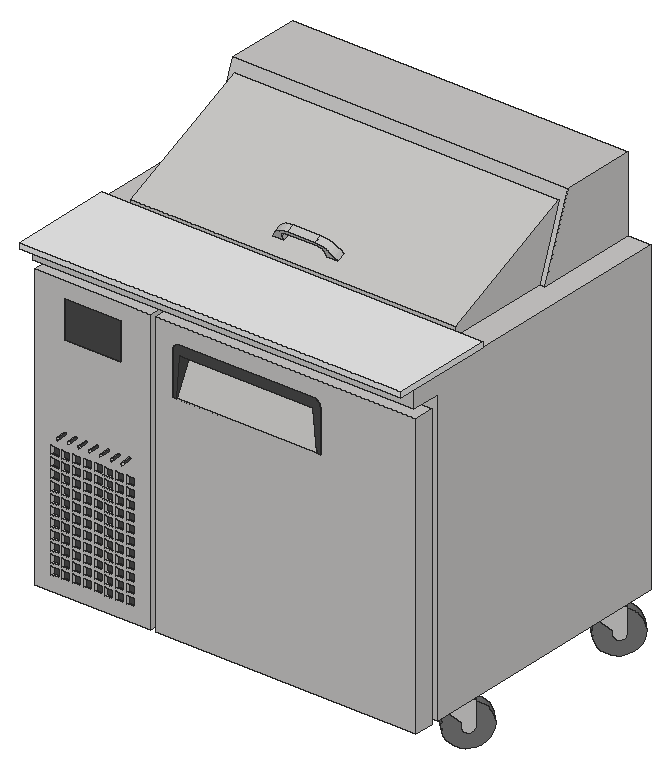
Revit family "QF_Turbo Air_JST-36da4d6f52-608f-450d-8662-f938f116b9a9", category Specialty Equipment, Revit 2012
Parameters
  Weight in Pounds = 177
  Watermarked By = "http://revitwatermark.com"
  Volts = 115 V
  URL Cutsheet = ""
  URL = "www.turboairinc.com"
  Status [instance] = ""
  Specification by User [instance] = ""
  Specification by Manufacturer [instance] = ""
  Serial Number [instance] = ""
  Revision Code [instance] = ""
  Phase = 1
  Number of Poles [instance] = 1
  NAFEM Spec ID Number [instance] = ""
  Model = "JST-36"
  Masterspec [instance] = ""
  Manufacturer = "Turbo Air"  # constant formula
  Legs [instance] = [6 inch Legs]  # no
  Item Number [instance] = "-"
  Installed By [instance] = ""
  HP = "1/4"
  Furnished By [instance] = ""
  Foodservice Equipment Identifier = yes
  FL Amps = 4.5 A
  Electrical Remarks [instance] = ""
  Electric Connection Type [instance] = ""
  Elec Conn RI Height [instance] = 0' - 0"
  Elec Conn Connection Height = 1' - 0"
  Description = "Sandwich/Salad Unit"
  Cycle = 60 Hz
  Conn Plug = "NEMA 5-15P"
  Casters [instance] = not(Legs)  # yes
  CasterLeg Height [instance] = if([4 inch Casters], 0' 5", if([5 inch Casters], 0' 5 3/4", if([2_5 inch Casters], 0' 3 3/8", 0' 6")))  # 0' - 5"
  CSI MasterFormat = "11 41 13"
  Assembly Code = "E1090320"
  Apparent Power = if(Phase = 3, Volts * FL Amps * 1.73, Volts * FL Amps)  # 517.5 VA
  6 inch Legs [instance] = no
  5 inch Casters [instance] = no
  4 inch Casters [instance] = yes
  2_5 inch Casters [instance] = no
Reference planes (in)
  plane 1 "BACK": y = 0
  plane 2: z = 0
  plane 3 "LEFT": x = -20.72594
  plane 4 "Bottom": z = 5
  plane 5 "Back Stops": y = 1
  plane 6 "RIGHT": x = 14.64906
  plane 7 "Front of Lid": y = -19.375
  plane 8 "FRONT": y = -29
  plane 9 "Door Clearance": y = -49.875
  plane 10 "Back of Door": y = -25.4375
  plane 11 "Front of Box": y = -24.75
  plane 12 "Counter Top": z = 33.75
  plane 13 "TOP": z = 40.75
  plane 14 "Top of Door": z = 31.25
  plane 15 "Bottom of Cutting Board": z = 33.25
  plane 16 "Handle LR": x = -3.03844
  plane 17 "Lid Clearance": z = 44.25
  plane 18 "Left Lid Cover": x = -18.60094
  plane 19 "Right of Lid Cover": x = 12.52406
  plane 20 "Left of Lid": x = -18.10094
  plane 21 "Right of Lid": x = 12.02406
  plane 22 "Front of Doors": y = -27.25
  plane 23 "Front of Ledge": y = -27.5
  plane 24 "Left of Door": x = -9.53844
  plane 25 "Right of Grill": x = -9.97594
Forms (in)
  Extrusion 1, solid, material "QF_Finishes_Stainless Steel"
    sketch origin (-20.72594, 0, 0) x (0, 1, 0) y (0, 0, 1)
      loop
        line (0, 5) -> (0, 33.75) -> (-27.5, 33.75) -> (-27.5, 32.125) -> (-24.75, 32.125) -> (-24.75, 5) -> (0, 5)
    from 0 to 35.375
  Extrusion 2, solid, material "QF_Finishes_Black"
    sketch origin (0, -24.75, 0) x (1, 0, 0) y (0, 0, 1)
      loop
        line (13.64906, 6) -> (13.64906, 30.25) -> (-8.53844, 30.25) -> (-8.53844, 6) -> (13.64906, 6)
    from 0 to 0.6875
  Extrusion 3, solid, material "QF_Finishes_Stainless Steel"
    sketch origin (-18.60094, 0, 0) x (0, 1, 0) y (0, 0, 1)
      loop
        line (0, 33.75) -> (0, 40.75) -> (-7, 40.75) -> (-9.625, 33.75) -> (0, 33.75)
    from 0 to 31.125
  Extrusion 4, solid, material "QF_Finishes_Stainless Steel"
    sketch origin (-18.10094, 0, 0) x (0, 1, 0) y (0, 0, 1)
      loop
        line (-19.375, 33.75) -> (-9.625, 33.75) -> (-7.35112, 39.81367) -> (-19.375, 34.5) -> (-19.375, 33.75)
    from 0 to 30.125
  Extrusion 5, solid, material "QF_Finishes_Stainless Steel"
    sketch origin (-8.25, -1.41062, -1.44965) x (1, 0, 0) y (0, -0.404214, 0.914664)
      loop
        line (7.21156, 40.14331) -> (8.21156, 40.14331)
        arc (8.21156, 40.14331) -> (7.53685, 41.04872) -> (6.46156, 41.39331) r 1.85
        line (6.46156, 41.39331) -> (3.96156, 41.39331)
        arc (3.96156, 41.39331) -> (2.88627, 41.04872) -> (2.21156, 40.14331) r 1.85
        line (2.21156, 40.14331) -> (3.21156, 40.14331) -> (3.21156, 40.64331)
        arc (3.21156, 40.64331) -> (3.35801, 40.99687) -> (3.71156, 41.14331) r 0.5
        line (3.71156, 41.14331) -> (6.71156, 41.14331)
        arc (6.71156, 41.14331) -> (7.06511, 40.99687) -> (7.21156, 40.64331) r 0.5
        line (7.21156, 40.64331) -> (7.21156, 40.14331)
    from -0.375 to 0.375
  Extrusion 6, solid, material "QF_Finishes_Black"
    sketch origin (0, 0, 0) x (1, 0, 0) y (0, 0, 1)
      loop
        circle (-14.60094, 28.9375) r 0.5
      loop
        circle (8.52406, 28.9375) r 0.5
    from 0 to -1
  Extrusion 7, solid, material "QF_Finishes_Stainless Steel"
    sketch origin (0, 0, 0) x (1, 0, 0) y (0, 0, 1)
      loop
        circle (-15.35094, 11.125) r 0.25
    from 0 to -0.0625
  Extrusion 8, solid, material "QF_Finishes_White"
    sketch origin (-20.72594, 0, 0) x (0, 1, 0) y (0, 0, 1)
      loop
        line (-29, 33.75) -> (-19.5, 33.75) -> (-19.5, 34.25) -> (-29, 34.25) -> (-29, 33.75)
    from 0 to 35.375
  Extrusion 9, solid, material "QF_Finishes_Stainless Steel"
    sketch origin (0, -24.75, 0) x (1, 0, 0) y (0, 0, 1)
      loop
        line (-20.72594, 31.25) -> (-20.72594, 5) -> (-9.97594, 5) -> (-9.97594, 31.25) -> (-20.72594, 31.25)
      loop
        line (-11.47594, 7.125) -> (-12.22594, 7.125) -> (-12.22594, 6.375) -> (-11.47594, 6.375) -> (-11.47594, 7.125)
      loop
        line (-12.47594, 7.125) -> (-13.22594, 7.125) -> (-13.22594, 6.375) -> (-12.47594, 6.375) -> (-12.47594, 7.125)
      loop
        line (-13.47594, 7.125) -> (-14.22594, 7.125) -> (-14.22594, 6.375) -> (-13.47594, 6.375) -> (-13.47594, 7.125)
      loop
        line (-14.47594, 7.125) -> (-15.22594, 7.125) -> (-15.22594, 6.375) -> (-14.47594, 6.375) -> (-14.47594, 7.125)
      loop
        line (-15.47594, 7.125) -> (-16.22594, 7.125) -> (-16.22594, 6.375) -> (-15.47594, 6.375) -> (-15.47594, 7.125)
      loop
        line (-16.47594, 7.125) -> (-17.22594, 7.125) -> (-17.22594, 6.375) -> (-16.47594, 6.375) -> (-16.47594, 7.125)
      loop
        line (-17.47594, 7.125) -> (-18.22594, 7.125) -> (-18.22594, 6.375) -> (-17.47594, 6.375) -> (-17.47594, 7.125)
      loop
        line (-18.47594, 7.125) -> (-19.22594, 7.125) -> (-19.22594, 6.375) -> (-18.47594, 6.375) -> (-18.47594, 7.125)
      loop
        line (-11.47594, 8.125) -> (-12.22594, 8.125) -> (-12.22594, 7.375) -> (-11.47594, 7.375) -> (-11.47594, 8.125)
      loop
        line (-12.47594, 8.125) -> (-13.22594, 8.125) -> (-13.22594, 7.375) -> (-12.47594, 7.375) -> (-12.47594, 8.125)
      loop
        line (-13.47594, 8.125) -> (-14.22594, 8.125) -> (-14.22594, 7.375) -> (-13.47594, 7.375) -> (-13.47594, 8.125)
      loop
        line (-14.47594, 8.125) -> (-15.22594, 8.125) -> (-15.22594, 7.375) -> (-14.47594, 7.375) -> (-14.47594, 8.125)
      loop
        line (-15.47594, 8.125) -> (-16.22594, 8.125) -> (-16.22594, 7.375) -> (-15.47594, 7.375) -> (-15.47594, 8.125)
      loop
        line (-16.47594, 8.125) -> (-17.22594, 8.125) -> (-17.22594, 7.375) -> (-16.47594, 7.375) -> (-16.47594, 8.125)
      loop
        line (-17.47594, 8.125) -> (-18.22594, 8.125) -> (-18.22594, 7.375) -> (-17.47594, 7.375) -> (-17.47594, 8.125)
      loop
        line (-18.47594, 8.125) -> (-19.22594, 8.125) -> (-19.22594, 7.375) -> (-18.47594, 7.375) -> (-18.47594, 8.125)
      loop
        line (-11.47594, 9.125) -> (-12.22594, 9.125) -> (-12.22594, 8.375) -> (-11.47594, 8.375) -> (-11.47594, 9.125)
      loop
        line (-12.47594, 9.125) -> (-13.22594, 9.125) -> (-13.22594, 8.375) -> (-12.47594, 8.375) -> (-12.47594, 9.125)
      loop
        line (-13.47594, 9.125) -> (-14.22594, 9.125) -> (-14.22594, 8.375) -> (-13.47594, 8.375) -> (-13.47594, 9.125)
      loop
        line (-14.47594, 9.125) -> (-15.22594, 9.125) -> (-15.22594, 8.375) -> (-14.47594, 8.375) -> (-14.47594, 9.125)
      loop
        line (-15.47594, 9.125) -> (-16.22594, 9.125) -> (-16.22594, 8.375) -> (-15.47594, 8.375) -> (-15.47594, 9.125)
      loop
        line (-16.47594, 9.125) -> (-17.22594, 9.125) -> (-17.22594, 8.375) -> (-16.47594, 8.375) -> (-16.47594, 9.125)
      loop
        line (-17.47594, 9.125) -> (-18.22594, 9.125) -> (-18.22594, 8.375) -> (-17.47594, 8.375) -> (-17.47594, 9.125)
      loop
        line (-18.47594, 9.125) -> (-19.22594, 9.125) -> (-19.22594, 8.375) -> (-18.47594, 8.375) -> (-18.47594, 9.125)
      loop
        line (-11.47594, 10.125) -> (-12.22594, 10.125) -> (-12.22594, 9.375) -> (-11.47594, 9.375) -> (-11.47594, 10.125)
      loop
        line (-12.47594, 10.125) -> (-13.22594, 10.125) -> (-13.22594, 9.375) -> (-12.47594, 9.375) -> (-12.47594, 10.125)
      loop
        line (-13.47594, 10.125) -> (-14.22594, 10.125) -> (-14.22594, 9.375) -> (-13.47594, 9.375) -> (-13.47594, 10.125)
      loop
        line (-14.47594, 10.125) -> (-15.22594, 10.125) -> (-15.22594, 9.375) -> (-14.47594, 9.375) -> (-14.47594, 10.125)
      loop
        line (-15.47594, 10.125) -> (-16.22594, 10.125) -> (-16.22594, 9.375) -> (-15.47594, 9.375) -> (-15.47594, 10.125)
      loop
        line (-16.47594, 10.125) -> (-17.22594, 10.125) -> (-17.22594, 9.375) -> (-16.47594, 9.375) -> (-16.47594, 10.125)
      loop
        line (-17.47594, 10.125) -> (-18.22594, 10.125) -> (-18.22594, 9.375) -> (-17.47594, 9.375) -> (-17.47594, 10.125)
      loop
        line (-18.47594, 10.125) -> (-19.22594, 10.125) -> (-19.22594, 9.375) -> (-18.47594, 9.375) -> (-18.47594, 10.125)
      loop
        line (-11.47594, 11.125) -> (-12.22594, 11.125) -> (-12.22594, 10.375) -> (-11.47594, 10.375) -> (-11.47594, 11.125)
      loop
        line (-12.47594, 11.125) -> (-13.22594, 11.125) -> (-13.22594, 10.375) -> (-12.47594, 10.375) -> (-12.47594, 11.125)
      loop
        line (-13.47594, 11.125) -> (-14.22594, 11.125) -> (-14.22594, 10.375) -> (-13.47594, 10.375) -> (-13.47594, 11.125)
      loop
        line (-14.47594, 11.125) -> (-15.22594, 11.125) -> (-15.22594, 10.375) -> (-14.47594, 10.375) -> (-14.47594, 11.125)
      loop
        line (-15.47594, 11.125) -> (-16.22594, 11.125) -> (-16.22594, 10.375) -> (-15.47594, 10.375) -> (-15.47594, 11.125)
      loop
        line (-16.47594, 11.125) -> (-17.22594, 11.125) -> (-17.22594, 10.375) -> (-16.47594, 10.375) -> (-16.47594, 11.125)
      loop
        line (-17.47594, 11.125) -> (-18.22594, 11.125) -> (-18.22594, 10.375) -> (-17.47594, 10.375) -> (-17.47594, 11.125)
      loop
        line (-18.47594, 11.125) -> (-19.22594, 11.125) -> (-19.22594, 10.375) -> (-18.47594, 10.375) -> (-18.47594, 11.125)
      loop
        line (-11.47594, 12.125) -> (-12.22594, 12.125) -> (-12.22594, 11.375) -> (-11.47594, 11.375) -> (-11.47594, 12.125)
      loop
        line (-12.47594, 12.125) -> (-13.22594, 12.125) -> (-13.22594, 11.375) -> (-12.47594, 11.375) -> (-12.47594, 12.125)
      loop
        line (-13.47594, 12.125) -> (-14.22594, 12.125) -> (-14.22594, 11.375) -> (-13.47594, 11.375) -> (-13.47594, 12.125)
      loop
        line (-14.47594, 12.125) -> (-15.22594, 12.125) -> (-15.22594, 11.375) -> (-14.47594, 11.375) -> (-14.47594, 12.125)
      loop
        line (-15.47594, 12.125) -> (-16.22594, 12.125) -> (-16.22594, 11.375) -> (-15.47594, 11.375) -> (-15.47594, 12.125)
      loop
        line (-16.47594, 12.125) -> (-17.22594, 12.125) -> (-17.22594, 11.375) -> (-16.47594, 11.375) -> (-16.47594, 12.125)
      loop
        line (-17.47594, 12.125) -> (-18.22594, 12.125) -> (-18.22594, 11.375) -> (-17.47594, 11.375) -> (-17.47594, 12.125)
      loop
        line (-18.47594, 12.125) -> (-19.22594, 12.125) -> (-19.22594, 11.375) -> (-18.47594, 11.375) -> (-18.47594, 12.125)
      loop
        line (-11.47594, 13.125) -> (-12.22594, 13.125) -> (-12.22594, 12.375) -> (-11.47594, 12.375) -> (-11.47594, 13.125)
      loop
        line (-12.47594, 13.125) -> (-13.22594, 13.125) -> (-13.22594, 12.375) -> (-12.47594, 12.375) -> (-12.47594, 13.125)
      loop
        line (-13.47594, 13.125) -> (-14.22594, 13.125) -> (-14.22594, 12.375) -> (-13.47594, 12.375) -> (-13.47594, 13.125)
      loop
        line (-14.47594, 13.125) -> (-15.22594, 13.125) -> (-15.22594, 12.375) -> (-14.47594, 12.375) -> (-14.47594, 13.125)
      loop
        line (-15.47594, 13.125) -> (-16.22594, 13.125) -> (-16.22594, 12.375) -> (-15.47594, 12.375) -> (-15.47594, 13.125)
      loop
        line (-16.47594, 13.125) -> (-17.22594, 13.125) -> (-17.22594, 12.375) -> (-16.47594, 12.375) -> (-16.47594, 13.125)
      loop
        line (-17.47594, 13.125) -> (-18.22594, 13.125) -> (-18.22594, 12.375) -> (-17.47594, 12.375) -> (-17.47594, 13.125)
      loop
        line (-18.47594, 13.125) -> (-19.22594, 13.125) -> (-19.22594, 12.375) -> (-18.47594, 12.375) -> (-18.47594, 13.125)
      loop
        line (-11.47594, 14.125) -> (-12.22594, 14.125) -> (-12.22594, 13.375) -> (-11.47594, 13.375) -> (-11.47594, 14.125)
      loop
        line (-12.47594, 14.125) -> (-13.22594, 14.125) -> (-13.22594, 13.375) -> (-12.47594, 13.375) -> (-12.47594, 14.125)
      loop
        line (-13.47594, 14.125) -> (-14.22594, 14.125) -> (-14.22594, 13.375) -> (-13.47594, 13.375) -> (-13.47594, 14.125)
      loop
        line (-14.47594, 14.125) -> (-15.22594, 14.125) -> (-15.22594, 13.375) -> (-14.47594, 13.375) -> (-14.47594, 14.125)
      loop
        line (-15.47594, 14.125) -> (-16.22594, 14.125) -> (-16.22594, 13.375) -> (-15.47594, 13.375) -> (-15.47594, 14.125)
      loop
        line (-16.47594, 14.125) -> (-17.22594, 14.125) -> (-17.22594, 13.375) -> (-16.47594, 13.375) -> (-16.47594, 14.125)
      loop
        line (-17.47594, 14.125) -> (-18.22594, 14.125) -> (-18.22594, 13.375) -> (-17.47594, 13.375) -> (-17.47594, 14.125)
      loop
        line (-18.47594, 14.125) -> (-19.22594, 14.125) -> (-19.22594, 13.375) -> (-18.47594, 13.375) -> (-18.47594, 14.125)
      loop
        line (-11.47594, 15.125) -> (-12.22594, 15.125) -> (-12.22594, 14.375) -> (-11.47594, 14.375) -> (-11.47594, 15.125)
      loop
        line (-12.47594, 15.125) -> (-13.22594, 15.125) -> (-13.22594, 14.375) -> (-12.47594, 14.375) -> (-12.47594, 15.125)
      loop
        line (-13.47594, 15.125) -> (-14.22594, 15.125) -> (-14.22594, 14.375) -> (-13.47594, 14.375) -> (-13.47594, 15.125)
      loop
        line (-14.47594, 15.125) -> (-15.22594, 15.125) -> (-15.22594, 14.375) -> (-14.47594, 14.375) -> (-14.47594, 15.125)
      loop
        line (-15.47594, 15.125) -> (-16.22594, 15.125) -> (-16.22594, 14.375) -> (-15.47594, 14.375) -> (-15.47594, 15.125)
      loop
        line (-16.47594, 15.125) -> (-17.22594, 15.125) -> (-17.22594, 14.375) -> (-16.47594, 14.375) -> (-16.47594, 15.125)
      loop
        line (-17.47594, 15.125) -> (-18.22594, 15.125) -> (-18.22594, 14.375) -> (-17.47594, 14.375) -> (-17.47594, 15.125)
      loop
        line (-18.47594, 15.125) -> (-19.22594, 15.125) -> (-19.22594, 14.375) -> (-18.47594, 14.375) -> (-18.47594, 15.125)
      loop
        line (-11.47594, 16.125) -> (-12.22594, 16.125) -> (-12.22594, 15.375) -> (-11.47594, 15.375) -> (-11.47594, 16.125)
      loop
        line (-12.47594, 16.125) -> (-13.22594, 16.125) -> (-13.22594, 15.375) -> (-12.47594, 15.375) -> (-12.47594, 16.125)
      loop
        line (-13.47594, 16.125) -> (-14.22594, 16.125) -> (-14.22594, 15.375) -> (-13.47594, 15.375) -> (-13.47594, 16.125)
      loop
        line (-14.47594, 16.125) -> (-15.22594, 16.125) -> (-15.22594, 15.375) -> (-14.47594, 15.375) -> (-14.47594, 16.125)
      loop
        line (-15.47594, 16.125) -> (-16.22594, 16.125) -> (-16.22594, 15.375) -> (-15.47594, 15.375) -> (-15.47594, 16.125)
      loop
        line (-16.47594, 16.125) -> (-17.22594, 16.125) -> (-17.22594, 15.375) -> (-16.47594, 15.375) -> (-16.47594, 16.125)
      loop
        line (-17.47594, 16.125) -> (-18.22594, 16.125) -> (-18.22594, 15.375) -> (-17.47594, 15.375) -> (-17.47594, 16.125)
      loop
        line (-18.47594, 16.125) -> (-19.22594, 16.125) -> (-19.22594, 15.375) -> (-18.47594, 15.375) -> (-18.47594, 16.125)
      loop
        line (-11.47594, 17.125) -> (-12.22594, 17.125) -> (-12.22594, 16.375) -> (-11.47594, 16.375) -> (-11.47594, 17.125)
      loop
        line (-12.47594, 17.125) -> (-13.22594, 17.125) -> (-13.22594, 16.375) -> (-12.47594, 16.375) -> (-12.47594, 17.125)
      loop
        line (-13.47594, 17.125) -> (-14.22594, 17.125) -> (-14.22594, 16.375) -> (-13.47594, 16.375) -> (-13.47594, 17.125)
      loop
        line (-14.47594, 17.125) -> (-15.22594, 17.125) -> (-15.22594, 16.375) -> (-14.47594, 16.375) -> (-14.47594, 17.125)
      loop
        line (-15.47594, 17.125) -> (-16.22594, 17.125) -> (-16.22594, 16.375) -> (-15.47594, 16.375) -> (-15.47594, 17.125)
      loop
        line (-16.47594, 17.125) -> (-17.22594, 17.125) -> (-17.22594, 16.375) -> (-16.47594, 16.375) -> (-16.47594, 17.125)
      loop
        line (-17.47594, 17.125) -> (-18.22594, 17.125) -> (-18.22594, 16.375) -> (-17.47594, 16.375) -> (-17.47594, 17.125)
      loop
        line (-18.47594, 17.125) -> (-19.22594, 17.125) -> (-19.22594, 16.375) -> (-18.47594, 16.375) -> (-18.47594, 17.125)
      loop
        arc (-14.68933, 17.96339) -> (-14.68933, 17.78661) -> (-14.51255, 17.78661) r 0.125
        line (-14.51255, 17.78661) -> (-13.80544, 18.49372)
        arc (-13.80544, 18.49372) -> (-13.80544, 18.6705) -> (-13.98222, 18.6705) r 0.125
        line (-13.98222, 18.6705) -> (-14.68933, 17.96339)
      loop
        arc (-13.68933, 17.96339) -> (-13.68933, 17.78661) -> (-13.51255, 17.78661) r 0.125
        line (-13.51255, 17.78661) -> (-12.80544, 18.49372)
        arc (-12.80544, 18.49372) -> (-12.80544, 18.6705) -> (-12.98222, 18.6705) r 0.125
        line (-12.98222, 18.6705) -> (-13.68933, 17.96339)
      loop
        arc (-12.68933, 17.96339) -> (-12.68933, 17.78661) -> (-12.51255, 17.78661) r 0.125
        line (-12.51255, 17.78661) -> (-11.80544, 18.49372)
        arc (-11.80544, 18.49372) -> (-11.80544, 18.6705) -> (-11.98222, 18.6705) r 0.125
        line (-11.98222, 18.6705) -> (-12.68933, 17.96339)
      loop
        arc (-17.68933, 17.96339) -> (-17.68933, 17.78661) -> (-17.51255, 17.78661) r 0.125
        line (-17.51255, 17.78661) -> (-16.80544, 18.49372)
        arc (-16.80544, 18.49372) -> (-16.80544, 18.6705) -> (-16.98222, 18.6705) r 0.125
        line (-16.98222, 18.6705) -> (-17.68933, 17.96339)
      loop
        arc (-16.68933, 17.96339) -> (-16.68933, 17.78661) -> (-16.51255, 17.78661) r 0.125
        line (-16.51255, 17.78661) -> (-15.80544, 18.49372)
        arc (-15.80544, 18.49372) -> (-15.80544, 18.6705) -> (-15.98222, 18.6705) r 0.125
        line (-15.98222, 18.6705) -> (-16.68933, 17.96339)
      loop
        arc (-15.68933, 17.96339) -> (-15.68933, 17.78661) -> (-15.51255, 17.78661) r 0.125
        line (-15.51255, 17.78661) -> (-14.80544, 18.49372)
        arc (-14.80544, 18.49372) -> (-14.80544, 18.6705) -> (-14.98222, 18.6705) r 0.125
        line (-14.98222, 18.6705) -> (-15.68933, 17.96339)
      loop
        arc (-18.68933, 17.96339) -> (-18.68933, 17.78661) -> (-18.51255, 17.78661) r 0.125
        line (-18.51255, 17.78661) -> (-17.80544, 18.49372)
        arc (-17.80544, 18.49372) -> (-17.80544, 18.6705) -> (-17.98222, 18.6705) r 0.125
        line (-17.98222, 18.6705) -> (-18.68933, 17.96339)
      loop
        line (-12.72594, 29.75) -> (-17.97594, 29.75) -> (-17.97594, 26.375) -> (-12.72594, 26.375) -> (-12.72594, 29.75)
    from 0 to 2.5
  Extrusion 10, solid, material "QF_Finishes_Black"
    sketch origin (0, -24.75, 0) x (1, 0, 0) y (0, 0, 1)
      loop
        line (-19.72594, 5.875) -> (-10.97594, 5.875) -> (-10.97594, 19.125) -> (-19.72594, 19.125) -> (-19.72594, 5.875)
    from 0 to 2.25
  Extrusion 11, solid, material "QF_Finishes_Black"
    sketch origin (0, -24.75, 0) x (1, 0, 0) y (0, 0, 1)
      loop
        line (-17.97594, 29.75) -> (-17.97594, 26.375) -> (-12.72594, 26.375) -> (-12.72594, 29.75) -> (-17.97594, 29.75)
    from 0 to 2.5
  Extrusion 12, solid, material "QF_Finishes_Clearances", detail levels coarse
    sketch origin (-18.10094, 0, 0) x (0, 1, 0) y (0, 0, 1)
      loop
        arc (-9.63317, 44.24183) -> (-16.52168, 41.38852) -> (-19.375, 34.5) r 9.74183
        line (-19.375, 34.5) -> (-7.36391, 39.80802) -> (-9.04004, 44.21075) -> (-9.63317, 44.24183)
    from 0 to 30.125
Lines and regions (in)
  symbolic lines
    curve 1: line (-20.72594, 0, 33.75) -> (14.64906, 0, 33.75)
    curve 2: line (-20.72594, -29, 33.75) -> (-20.72594, 0, 33.75)
    curve 3: line (14.64906, -29, 33.75) -> (-20.72594, -29, 33.75)
    curve 4: line (14.64906, 0, 33.75) -> (14.64906, -29, 33.75)
    curve 5: line (-20.72594, -19.375, 33.75) -> (14.64906, -19.375, 33.75)
    curve 6: line (8.02406, 1, 33.75) -> (9.02406, 1, 33.75)
    curve 7: line (-15.10094, 1, 33.75) -> (-14.10094, 1, 33.75)
    curve 8: line (-15.10094, 1, 33.75) -> (-15.10094, 0, 33.75)
    curve 9: line (-14.10094, 1, 33.75) -> (-14.10094, 0, 33.75)
    curve 10: line (8.02406, 1, 33.75) -> (8.02406, 0, 33.75)
    curve 11: line (9.02406, 1, 33.75) -> (9.02406, 0, 33.75)
    curve 12: line (-5.03844, -17.29413, 33.75) -> (-6.03844, -17.29413, 33.75)
    curve 13: line (-6.03844, -17.29413, 33.75) -> (-6.03844, -17.98928, 33.75)
    curve 14: line (-5.03844, -17.51065, 33.75) -> (-5.03844, -17.29413, 33.75)
    curve 15: line (-2.37352, -18.4854, 33.75) -> (-4.27617, -18.4854, 33.75)
    curve 16: line (-2.12352, -17.69835, 33.75) -> (-4.53231, -17.69835, 33.75)
    curve 17: line (-1.03844, -17.29413, 33.75) -> (-1.03844, -17.48183, 33.75)
    curve 18: line (-0.03844, -17.29413, 33.75) -> (-1.03844, -17.29413, 33.75)
    curve 19: line (-0.03844, -17.98928, 33.75) -> (-0.03844, -17.29413, 33.75)
    curve 20: spline (-0.03844, -17.98928, 33.75) -> (-0.12549, -18.05904, 33.75) -> (-0.23823, -18.12576, 33.75) -> (-0.37536, -18.18867, 33.75) -> (-0.53531, -18.24707, 33.75) -> (-0.71627, -18.30027, 33.75) -> (-0.91616, -18.34768, 33.75) -> (-1.1327, -18.38874, 33.75) -> (-1.36341, -18.42301, 33.75) -> (-1.60567, -18.45007, 33.75) -> (-1.85669, -18.46962, 33.75) -> (-2.11362, -18.48144, 33.75) -> (-2.37352, -18.4854, 33.75)
    curve 21: spline (-4.53231, -17.69835, 33.75) -> (-4.59837, -17.69674, 33.75) -> (-4.6633, -17.69195, 33.75) -> (-4.726, -17.68406, 33.75) -> (-4.78537, -17.6732, 33.75) -> (-4.84042, -17.65956, 33.75) -> (-4.8902, -17.64337, 33.75) -> (-4.93385, -17.62491, 33.75) -> (-4.97063, -17.6045, 33.75) -> (-4.99991, -17.58248, 33.75) -> (-5.02119, -17.55923, 33.75) -> (-5.03411, -17.53515, 33.75) -> (-5.03844, -17.51065, 33.75)
    curve 22: spline (-1.03844, -17.48183, 33.75) -> (-1.04772, -17.5101, 33.75) -> (-1.07541, -17.53787, 33.75) -> (-1.12104, -17.56469, 33.75) -> (-1.18381, -17.59009, 33.75) -> (-1.26267, -17.61364, 33.75) -> (-1.35625, -17.63493, 33.75) -> (-1.46296, -17.65361, 33.75) -> (-1.58098, -17.66934, 33.75) -> (-1.70828, -17.68187, 33.75) -> (-1.84268, -17.69097, 33.75) -> (-1.98189, -17.6965, 33.75) -> (-2.12352, -17.69835, 33.75)
    curve 23: spline (-4.27617, -18.4854, 33.75) -> (-4.47232, -18.48144, 33.75) -> (-4.66622, -18.46962, 33.75) -> (-4.85567, -18.45007, 33.75) -> (-5.03849, -18.42301, 33.75) -> (-5.21261, -18.38874, 33.75) -> (-5.37603, -18.34768, 33.75) -> (-5.52689, -18.30027, 33.75) -> (-5.66345, -18.24707, 33.75) -> (-5.78417, -18.18867, 33.75) -> (-5.88766, -18.12576, 33.75) -> (-5.97274, -18.05904, 33.75) -> (-6.03844, -17.98928, 33.75)
    curve 56: line (-18.60094, 0, 33.75) -> (-18.60094, -9.625, 33.75)
    curve 57: line (12.52406, -9.625, 33.75) -> (12.52406, 0, 33.75)
    curve 58: line (-18.60094, -7, 33.75) -> (12.52406, -7, 33.75)
    curve 59: line (-18.10094, -7, 33.75) -> (-18.10094, -19.375, 33.75)
    curve 60: line (12.02406, -19.375, 33.75) -> (12.02406, -7, 33.75)
    curve 62: line (12.02406, -9.625, 33.75) -> (12.52406, -9.625, 33.75)
    curve 63: line (-18.10094, -9.625, 33.75) -> (-18.60094, -9.625, 33.75)
  symbolic lines, style "QF_Surface Details"
    curve 24: line (10.02406, -10.41899, 33.75) -> (10.02406, -6.42715, 33.75)
    curve 25: line (4.02406, -10.41899, 33.75) -> (4.02406, -6.42715, 33.75)
    curve 26: line (5.02406, -5.42715, 33.75) -> (9.02406, -5.42715, 33.75)
    curve 27: line (5.02406, -11.41899, 33.75) -> (9.02406, -11.41899, 33.75)
    curve 28: arc (9.02406, -5.42715, 33.75) -> (9.73117, -5.72004, 33.75) -> (10.02406, -6.42715, 33.75) r 1
    curve 29: arc (5.02406, -5.42715, 33.75) -> (4.31695, -5.72004, 33.75) -> (4.02406, -6.42715, 33.75) r 1
    curve 30: arc (4.02406, -10.41899, 33.75) -> (4.31695, -11.12609, 33.75) -> (5.02406, -11.41899, 33.75) r 1
    curve 31: arc (9.02406, -11.41899, 33.75) -> (9.73117, -11.12609, 33.75) -> (10.02406, -10.41899, 33.75) r 1
    curve 32: line (-2.53844, -10.41899, 33.75) -> (-2.53844, -6.42715, 33.75)
    curve 33: line (3.02406, -10.41899, 33.75) -> (3.02406, -6.42715, 33.75)
    curve 34: line (2.02406, -5.42715, 33.75) -> (-1.53844, -5.42715, 33.75)
    curve 35: line (2.02406, -11.41899, 33.75) -> (-1.53844, -11.41899, 33.75)
    curve 36: arc (-1.53844, -5.42715, 33.75) -> (-2.24555, -5.72004, 33.75) -> (-2.53844, -6.42715, 33.75) r 1
    curve 37: arc (2.02406, -5.42715, 33.75) -> (2.73117, -5.72004, 33.75) -> (3.02406, -6.42715, 33.75) r 1
    curve 38: arc (3.02406, -10.41899, 33.75) -> (2.73117, -11.12609, 33.75) -> (2.02406, -11.41899, 33.75) r 1
    curve 39: arc (-1.53844, -11.41899, 33.75) -> (-2.24555, -11.12609, 33.75) -> (-2.53844, -10.41899, 33.75) r 1
    curve 40: line (10.02406, -13.41441, 33.75) -> (10.02406, -17.40625, 33.75)
    curve 41: line (4.02863, -13.41899, 33.75) -> (4.02863, -17.41082, 33.75)
    curve 42: line (5.02406, -18.40625, 33.75) -> (9.02406, -18.40625, 33.75)
    curve 43: line (5.02863, -12.41899, 33.75) -> (9.02863, -12.41899, 33.75)
    curve 44: arc (9.02406, -18.40625, 33.75) -> (9.73117, -18.11336, 33.75) -> (10.02406, -17.40625, 33.75) r 1
    curve 45: arc (5.02406, -18.40625, 33.75) -> (4.32019, -18.1147, 33.75) -> (4.02863, -17.41082, 33.75) r 0.99543
    curve 46: arc (4.02863, -13.41899, 33.75) -> (4.32153, -12.71188, 33.75) -> (5.02863, -12.41899, 33.75) r 1
    curve 47: arc (9.02863, -12.41899, 33.75) -> (9.73251, -12.71054, 33.75) -> (10.02406, -13.41441, 33.75) r 0.99543
    curve 48: line (-2.53844, -13.41899, 33.75) -> (-2.53844, -17.41082, 33.75)
    curve 49: line (3.02406, -13.41899, 33.75) -> (3.02406, -17.41082, 33.75)
    curve 50: line (1.99719, -18.43769, 33.75) -> (-1.51157, -18.43769, 33.75)
    curve 51: line (2.02406, -12.41899, 33.75) -> (-1.53844, -12.41899, 33.75)
    curve 52: arc (-1.51157, -18.43769, 33.75) -> (-2.23768, -18.13693, 33.75) -> (-2.53844, -17.41082, 33.75) r 1.02687
    curve 53: arc (1.99719, -18.43769, 33.75) -> (2.7233, -18.13693, 33.75) -> (3.02406, -17.41082, 33.75) r 1.02687
    curve 54: arc (3.02406, -13.41899, 33.75) -> (2.73117, -12.71188, 33.75) -> (2.02406, -12.41899, 33.75) r 1
    curve 55: arc (-1.53844, -12.41899, 33.75) -> (-2.24555, -12.71188, 33.75) -> (-2.53844, -13.41899, 33.75) r 1
    curve 64: line (-3.53844, -10.41899, 33.75) -> (-3.53844, -6.42715, 33.75)
    curve 65: line (-9.10094, -10.41899, 33.75) -> (-9.10094, -6.42715, 33.75)
    curve 66: line (-8.10094, -5.42715, 33.75) -> (-4.53844, -5.42715, 33.75)
    curve 67: line (-8.10094, -11.41899, 33.75) -> (-4.53844, -11.41899, 33.75)
    curve 68: arc (-4.53844, -5.42715, 33.75) -> (-3.83133, -5.72004, 33.75) -> (-3.53844, -6.42715, 33.75) r 1
    curve 69: arc (-8.10094, -5.42715, 33.75) -> (-8.80805, -5.72004, 33.75) -> (-9.10094, -6.42715, 33.75) r 1
    curve 70: arc (-9.10094, -10.41899, 33.75) -> (-8.80805, -11.12609, 33.75) -> (-8.10094, -11.41899, 33.75) r 1
    curve 71: arc (-4.53844, -11.41899, 33.75) -> (-3.83133, -11.12609, 33.75) -> (-3.53844, -10.41899, 33.75) r 1
    curve 72: line (-3.53844, -13.41899, 33.75) -> (-3.53844, -17.41082, 33.75)
    curve 73: line (-9.10094, -13.41899, 33.75) -> (-9.10094, -17.41082, 33.75)
    curve 74: line (-8.07407, -18.43769, 33.75) -> (-4.56531, -18.43769, 33.75)
    curve 75: line (-8.10094, -12.41899, 33.75) -> (-4.53844, -12.41899, 33.75)
    curve 76: arc (-4.56531, -18.43769, 33.75) -> (-3.8392, -18.13693, 33.75) -> (-3.53844, -17.41082, 33.75) r 1.02687
    curve 77: arc (-8.07407, -18.43769, 33.75) -> (-8.80018, -18.13693, 33.75) -> (-9.10094, -17.41082, 33.75) r 1.02687
    curve 78: arc (-9.10094, -13.41899, 33.75) -> (-8.80805, -12.71188, 33.75) -> (-8.10094, -12.41899, 33.75) r 1
    curve 79: arc (-4.53844, -12.41899, 33.75) -> (-3.83133, -12.71188, 33.75) -> (-3.53844, -13.41899, 33.75) r 1
    curve 80: line (-16.10094, -10.41899, 33.75) -> (-16.10094, -6.42715, 33.75)
    curve 81: line (-10.10094, -10.41899, 33.75) -> (-10.10094, -6.42715, 33.75)
    curve 82: line (-11.10094, -5.42715, 33.75) -> (-15.10094, -5.42715, 33.75)
    curve 83: line (-11.10094, -11.41899, 33.75) -> (-15.10094, -11.41899, 33.75)
    curve 84: arc (-15.10094, -5.42715, 33.75) -> (-15.80805, -5.72004, 33.75) -> (-16.10094, -6.42715, 33.75) r 1
    curve 85: arc (-11.10094, -5.42715, 33.75) -> (-10.39383, -5.72004, 33.75) -> (-10.10094, -6.42715, 33.75) r 1
    curve 86: arc (-10.10094, -10.41899, 33.75) -> (-10.39383, -11.12609, 33.75) -> (-11.10094, -11.41899, 33.75) r 1
    curve 87: arc (-15.10094, -11.41899, 33.75) -> (-15.80805, -11.12609, 33.75) -> (-16.10094, -10.41899, 33.75) r 1
    curve 88: line (-16.10094, -13.41441, 33.75) -> (-16.10094, -17.40625, 33.75)
    curve 89: line (-10.10551, -13.41899, 33.75) -> (-10.10551, -17.41082, 33.75)
    curve 90: line (-11.10094, -18.40625, 33.75) -> (-15.10094, -18.40625, 33.75)
    curve 91: line (-11.10551, -12.41899, 33.75) -> (-15.10551, -12.41899, 33.75)
    curve 92: arc (-15.10094, -18.40625, 33.75) -> (-15.80805, -18.11336, 33.75) -> (-16.10094, -17.40625, 33.75) r 1
    curve 93: arc (-11.10094, -18.40625, 33.75) -> (-10.39707, -18.1147, 33.75) -> (-10.10551, -17.41082, 33.75) r 0.99543
    curve 94: arc (-10.10551, -13.41899, 33.75) -> (-10.39841, -12.71188, 33.75) -> (-11.10551, -12.41899, 33.75) r 1
    curve 95: arc (-15.10551, -12.41899, 33.75) -> (-15.80939, -12.71054, 33.75) -> (-16.10094, -13.41441, 33.75) r 0.99543
  symbolic lines, style "QF_Clearances", detail levels coarse
    curve 61: line (14.64906, -29, 33.75) -> (14.64906, -49.875, 33.75)
    curve 96: arc (14.64906, -49.875, 33.75) -> (-1.23984, -43.92422, 33.75) -> (-9.31054, -29, 33.75) r 24.1875
Dimensions and locks (in)
  "CasterLeg Height": plane 4 "Bottom" to plane 2
  locked: plane 1 "BACK" to plane 5 "Back Stops" at 1
  locked: plane 6 "RIGHT" to plane 3 "LEFT" at 35.375
  locked: plane 7 "Front of Lid" to plane 1 "BACK" at 19.375
  locked: plane 8 "FRONT" to plane 1 "BACK" at 29
  locked: plane 10 "Back of Door" to plane 11 "Front of Box" at 0.6875
  locked: plane 9 "Door Clearance" to plane 1 "BACK" at 49.875
  locked: plane 13 "TOP" to plane 12 "Counter Top" at 7
  locked: plane 12 "Counter Top" to plane 4 "Bottom" at 28.75
  locked: plane 12 "Counter Top" to plane 15 "Bottom of Cutting Board" at 0.5
  locked: Extrusion 2 sketch curve to plane 6 "RIGHT" at 1
  locked: plane 17 "Lid Clearance" to plane 12 "Counter Top" at 10.5
  locked: Extrusion 5 to plane 12 "Counter Top" at 2.50976
  locked: Extrusion 5 to plane 12 "Counter Top" at 2.81292
  locked: nested 1 to plane 1 "BACK" at 2.5625
  locked: plane 3 "LEFT" to nested 1 at 2.5
  locked: plane 3 "LEFT" to nested 2 at 2.5
  locked: plane 11 "Front of Box" to nested 2 at 4.625
  locked: nested 3 to plane 6 "RIGHT" at 2.5
  locked: nested 4 to plane 6 "RIGHT" at 2.5
  locked: plane 11 "Front of Box" to nested 4 at 4.625
  locked: nested 3 to plane 1 "BACK" at 2.5625
  locked: plane 12 "Counter Top" to Extrusion 6 sketch curve at 4.8125  (x2)
  locked: plane 6 "RIGHT" to Extrusion 6 sketch curve at 6.125
  locked: Extrusion 6 sketch curve to plane 3 "LEFT" at 6.125
  locked: Extrusion 7 sketch curve to plane 4 "Bottom" at 6.125
  equal spacing: plane 18 "Left Lid Cover", plane 16 "Handle LR", plane 19 "Right of Lid Cover"
  locked: plane 18 "Left Lid Cover" to plane 20 "Left of Lid" at 0.5
  locked: plane 21 "Right of Lid" to plane 19 "Right of Lid Cover" at 0.5
  locked: Extrusion 2 sketch curve to plane 4 "Bottom" at 1
  locked: plane 14 "Top of Door" to Extrusion 2 sketch curve at 1
  locked: plane 22 "Front of Doors" to plane 11 "Front of Box" at 2.5
  locked: plane 23 "Front of Ledge" to plane 22 "Front of Doors" at 0.25
  locked: plane 12 "Counter Top" to plane 14 "Top of Door" at 2.5
  locked: plane 1 "BACK" to Extrusion 3 sketch curve at 7
  locked: plane 1 "BACK" to Extrusion 3 sketch curve at 9.625
  locked: plane 13 "TOP" to Extrusion 4 sketch curve at 0.93633
  locked: plane 1 "BACK" to Extrusion 4 sketch curve at 7.35112
  locked: plane 1 "BACK" to Extrusion 4 sketch curve at 9.625
  locked: Extrusion 4 sketch curve to plane 12 "Counter Top" at 0.75
  locked: plane 12 "Counter Top" to Extrusion 1 sketch curve at 1.625
  locked: Extrusion 8 sketch curve to plane 8 "FRONT" at 9.5
  locked: plane 12 "Counter Top" to Extrusion 8 sketch curve at 0.5
  locked: plane 3 "LEFT" to plane 18 "Left Lid Cover" at 2.125
  locked: plane 19 "Right of Lid Cover" to plane 6 "RIGHT" at 2.125
  locked: plane 24 "Left of Door" to plane 6 "RIGHT" at 24.1875
  locked: plane 3 "LEFT" to plane 25 "Right of Grill" at 10.75
  locked: Extrusion 2 sketch curve to plane 24 "Left of Door" at 1
  locked: plane 3 "LEFT" to Extrusion 10 sketch curve at 1
  locked: plane 25 "Right of Grill" to Extrusion 10 sketch curve at 1
  locked: Extrusion 10 sketch curve to plane 4 "Bottom" at 0.875
  locked: Extrusion 10 sketch curve to Extrusion 10 sketch curve at 13.25
  locked: Extrusion 7 sketch curve to plane 3 "LEFT" at 5.375
  locked: Extrusion 12 sketch curve to plane 12 "Counter Top" at 0.75
  locked: plane 17 "Lid Clearance" to Extrusion 12 sketch curve at 4.44198
  locked: plane 17 "Lid Clearance" to Extrusion 12 sketch curve at 0.03925
  locked: plane 17 "Lid Clearance" to Extrusion 12 sketch curve at 0.00817
  aligned and locked: level to plane 2
  aligned and locked: Extrusion 1 sketch curve to plane 1 "BACK"
  aligned and locked: Extrusion 1 sketch curve to plane 4 "Bottom"
  aligned and locked: plane 11 "Front of Box" to Extrusion 1 sketch curve
  aligned and locked: plane 6 "RIGHT" to Extrusion 1
  aligned and locked: plane 10 "Back of Door" to Extrusion 2
  aligned and locked: Extrusion 1 sketch curve to plane 12 "Counter Top"
  aligned and locked: plane 1 "BACK" to Extrusion 3 sketch curve
  aligned and locked: plane 12 "Counter Top" to Extrusion 4 sketch curve
  aligned and locked: Extrusion 6 to plane 5 "Back Stops"
  aligned and locked: plane 1 "BACK" to curve 1
  aligned and locked: plane 3 "LEFT" to curve 2
  aligned and locked: curve 3 to plane 8 "FRONT"
  aligned and locked: curve 6 to Extrusion 6
  aligned and locked: curve 7 to Extrusion 6
  aligned and locked: curve 12 to Extrusion 5
  aligned and locked: curve 13 to Extrusion 5
  aligned and locked: Extrusion 5 to curve 14
  aligned and locked: Extrusion 5 to curve 15
  aligned and locked: Extrusion 5 to curve 16
  aligned and locked: curve 17 to Extrusion 5
  aligned and locked: curve 18 to Extrusion 5
  aligned and locked: curve 19 to Extrusion 5
  aligned and locked: plane 19 "Right of Lid Cover" to Extrusion 3
  aligned and locked: plane 21 "Right of Lid" to Extrusion 4
  aligned and locked: curve 56 to Extrusion 3
  aligned and locked: Extrusion 3 to curve 57
  aligned and locked: plane 4 "Bottom" to nested 5
  aligned and locked: Extrusion 3 sketch curve to plane 13 "TOP"
  aligned and locked: Extrusion 3 sketch curve to plane 12 "Counter Top"
  aligned and locked: plane 7 "Front of Lid" to Extrusion 4 sketch curve
  aligned and locked: Extrusion 5 to Extrusion 4
  aligned and locked: Extrusion 1 sketch curve to plane 23 "Front of Ledge"
  aligned and locked: plane 12 "Counter Top" to Extrusion 8 sketch curve
  aligned and locked: Extrusion 8 sketch curve to plane 8 "FRONT"
  aligned and locked: plane 6 "RIGHT" to Extrusion 8
  aligned and locked: plane 24 "Left of Door" to nested 5
  aligned and locked: Extrusion 9 sketch curve to plane 14 "Top of Door"
  aligned and locked: plane 3 "LEFT" to Extrusion 9 sketch curve
  aligned and locked: plane 4 "Bottom" to Extrusion 9 sketch curve
  aligned and locked: plane 25 "Right of Grill" to Extrusion 9 sketch curve
  aligned and locked: plane 22 "Front of Doors" to Extrusion 9
  aligned and locked: plane 22 "Front of Doors" to Extrusion 11
  aligned and locked: plane 6 "RIGHT" to nested 5
  aligned and locked: Extrusion 12 sketch curve to Extrusion 4
  aligned and locked: plane 21 "Right of Lid" to Extrusion 12
Automatic sketch dimensions
  Extrusion 5 sketch curve to plane 16 "Handle LR" = 0' - 3"
  Extrusion 5 sketch curve to Extrusion 5 sketch curve = 0' - 1"  (x2)
  Extrusion 5 sketch curve to Extrusion 5 sketch curve = 0' - 0 1/2"  (x3)
  Extrusion 5 sketch curve to Extrusion 5 sketch curve = 0' - 0 3/4"
  plane 16 "Handle LR" to Extrusion 5 sketch curve = 0' - 1 1/4"
  Extrusion 5 sketch curve to Extrusion 5 sketch curve = 0' - 0 1/4"
  Extrusion 5 sketch curve to Extrusion 5 sketch curve = 0' - 0"
  Extrusion 5 sketch curve to Extrusion 5 sketch curve = 0' - 0.6"
  Extrusion 9 sketch curve to plane 18 "Left Lid Cover" = 0' - 0"
  Extrusion 9 sketch curve to plane 18 "Left Lid Cover" = 0' - 0 5/8"
  Extrusion 9 sketch curve to Extrusion 9 sketch curve = 0' - 0"  (x150)
  Extrusion 9 sketch curve to plane 18 "Left Lid Cover" = 0' - 0.08839"
  plane 18 "Left Lid Cover" to Extrusion 9 sketch curve = 0' - 0.08839"
  plane 18 "Left Lid Cover" to Extrusion 9 sketch curve = 0' - 0 1/8"  (x11)
  Extrusion 9 sketch curve to plane 20 "Left of Lid" = 0' - 0 1/8"  (x11)
  plane 20 "Left of Lid" to Extrusion 9 sketch curve = 0' - 0.11872"
  plane 20 "Left of Lid" to Extrusion 9 sketch curve = 0' - 0 1/8"
  Extrusion 9 sketch curve to Extrusion 9 sketch curve = 0' - 0.08839"  (x40)
  plane 20 "Left of Lid" to Extrusion 9 sketch curve = 0' - 0.41161"
  plane 20 "Left of Lid" to Extrusion 9 sketch curve = 0' - 0 5/8"  (x7)
  Extrusion 9 sketch curve to Extrusion 9 sketch curve = 0' - 0 1/4"  (x119)
  Extrusion 9 sketch curve to Extrusion 9 sketch curve = 0' - 0.82322"  (x6)
  Extrusion 9 sketch curve to Extrusion 9 sketch curve = 0' - 0.11612"  (x5)
  Extrusion 9 sketch curve to Extrusion 9 sketch curve = 0' - 0 3/4"  (x46)
  Extrusion 9 sketch curve to Extrusion 9 sketch curve = 0' - 0.03661"  (x5)
  Extrusion 9 sketch curve to plane 25 "Right of Grill" = 0' - 2 3/4"
  plane 4 "Bottom" to Extrusion 9 sketch curve = 0' - 1 3/8"  (x2)
  Extrusion 9 sketch curve to Extrusion 9 sketch curve = 0' - 0.66161"  (x7)
  Extrusion 9 sketch curve to Extrusion 9 sketch curve = 0' - 0.53033"  (x6)
  Extrusion 9 sketch curve to Extrusion 9 sketch curve = 0' - 0.70711"
  Extrusion 9 sketch curve to plane 14 "Top of Door" = 0' - 4 7/8"
  Extrusion 9 sketch curve to plane 14 "Top of Door" = 0' - 1 1/2"
  plane 20 "Left of Lid" to Extrusion 11 sketch curve = 0' - 0 1/8"
  Extrusion 11 sketch curve to plane 25 "Right of Grill" = 0' - 2 3/4"
  Extrusion 11 sketch curve to plane 14 "Top of Door" = 0' - 4 7/8"
  Extrusion 11 sketch curve to plane 14 "Top of Door" = 0' - 1 1/2"
  curve 96 to plane 6 "RIGHT" = 0' - 0"
  plane 9 "Door Clearance" to curve 96 = 0' - 0"
  plane 7 "Front of Lid" to curve 60 = 0' - 0"
  curve 63 to plane 20 "Left of Lid" = 0' - 0"
  curve 62 to plane 21 "Right of Lid" = 0' - 0"
  plane 10 "Back of Door" to curve 96 = 0' - 0 1/4"
  curve 77 to plane 7 "Front of Lid" = 0' - 0.93731"
  curve 53 to plane 7 "Front of Lid" = 0' - 0.93731"
  curve 42 to plane 7 "Front of Lid" = 0' - 0 31/32"
  curve 90 to plane 7 "Front of Lid" = 0' - 0 31/32"
  curve 13 to curve 12 = 0' - 0.69515"
  curve 19 to curve 18 = 0' - 0.69515"
  curve 20 to curve 22 = 0' - 0.0945"
  curve 23 to curve 16 = 0' - 0.0945"
  curve 21 to curve 12 = 0' - 0.21651"
  curve 17 to curve 17 = 0' - 0.1877"
  curve 90 to curve 93 = 0' - 0.99543"
  curve 50 to curve 53 = 0' - 1.02687"
  curve 23 to curve 52 = 0' - 0.38203"
  plane 24 "Left of Door" to curve 73 = 0' - 0 7/16"
  curve 89 to curve 73 = 0' - 0"
  curve 21 to curve 76 = 0' - 0.09982"
  curve 49 to curve 45 = 0' - 0"
  curve 42 to curve 44 = 0' - 1"
  curve 90 to curve 88 = 0' - 1"
  plane 16 "Handle LR" to curve 55 = 0' - 0 1/2"
  curve 48 to curve 55 = 0' - 3.99184"
  curve 89 to plane 25 "Right of Grill" = 0' - 0.12957"
  curve 93 to curve 89 = 0' - 3.99184"
  curve 49 to curve 54 = 0' - 3.99184"
  curve 89 to curve 78 = 0' - 0"
  curve 79 to plane 16 "Handle LR" = 0' - 0 1/2"
  curve 79 to curve 48 = 0' - 0"
  curve 49 to curve 46 = 0' - 0"
  curve 47 to plane 21 "Right of Lid" = 0' - 2"
  curve 44 to curve 47 = 0' - 3.99184"
  plane 20 "Left of Lid" to curve 95 = 0' - 2"
  curve 88 to curve 95 = 0' - 3.99184"
  curve 79 to curve 75 = 0' - 1"
  curve 54 to curve 54 = 0' - 1"
  curve 46 to curve 46 = 0' - 1"
  curve 95 to curve 95 = 0' - 0.99543"
  curve 75 to curve 67 = 0' - 1"
  curve 51 to curve 38 = 0' - 1"
  curve 46 to curve 27 = 0' - 1"
  curve 91 to curve 87 = 0' - 1"
  curve 27 to curve 30 = 0' - 1"
  curve 35 to curve 39 = 0' - 1"
  curve 71 to plane 16 "Handle LR" = 0' - 0 1/2"
  curve 71 to curve 32 = 0' - 0"
  curve 38 to curve 25 = 0' - 0"
  curve 27 to curve 24 = 0' - 1"
  plane 24 "Left of Door" to curve 70 = 0' - 0 7/16"
  curve 70 to curve 70 = 0' - 1"
  curve 87 to curve 87 = 0' - 1"
  curve 81 to plane 25 "Right of Grill" = 0' - 0 1/8"
  curve 81 to curve 65 = 0' - 0"
  curve 87 to curve 63 = 0' - 0.79399"
  curve 24 to curve 62 = 0' - 0.79399"
  curve 56 to curve 58 = 0' - 2 5/8"
  curve 30 to curve 29 = 0' - 3.99184"
  curve 60 to curve 28 = 0' - 0.57285"
  curve 70 to curve 69 = 0' - 3.99184"
  curve 37 to curve 29 = 0' - 0"
  plane 16 "Handle LR" to curve 36 = 0' - 0 1/2"
  curve 32 to curve 36 = 0' - 3.99184"
  curve 68 to curve 32 = 0' - 0"
  curve 85 to curve 69 = 0' - 0"
  curve 59 to curve 84 = 0' - 0.57285"
  curve 84 to curve 82 = 0' - 1"
  curve 28 to curve 26 = 0' - 1"
  curve 37 to curve 37 = 0' - 1"
  curve 69 to curve 69 = 0' - 1"
  curve 31 to plane 21 "Right of Lid" = 0' - 2"
  curve 6 to plane 21 "Right of Lid" = 0' - 3"
  curve 6 to curve 6 = 0' - 1"
  curve 47 to curve 46 = 0' - 4"
  curve 26 to curve 26 = 0' - 4"
  curve 25 to curve 38 = 0' - 1"
  curve 41 to curve 53 = 0' - 1.00457"
  curve 20 to curve 19 = 0' - 0.1"
  curve 22 to curve 20 = 0' - 0 1/4"
  curve 20 to curve 23 = 0' - 0.06492"
  curve 21 to curve 23 = 0' - 0 1/4"
  plane 20 "Left of Lid" to curve 7 = 0' - 4"
  plane 20 "Left of Lid" to curve 84 = 0' - 3"
  curve 7 to curve 7 = 0' - 1"
  Extrusion 12 sketch curve to Extrusion 12 sketch curve = 0' - 0.59313"
  radius of Extrusion 6 sketch curve = 0' - 0 1/2"  (x2)
  radius of Extrusion 7 sketch curve = 0' - 0 1/4"
Nested families (in)
  nested 1: "FESCasterLeg" at (-18.22594, -2.5625, 0), Legs <- "Legs", Casters <- "Casters", Height <- "CasterLeg Height", type "FESCasterLeg"
    with Legs no, Height 0' - 5", Casters yes, Caster Radius 0' - 2"
  nested 2: "FESCasterLeg" at (-18.22594, -20.125, 0), Legs <- "Legs", Casters <- "Casters", Height <- "CasterLeg Height", type "FESCasterLeg"
    with Legs no, Height 0' - 5", Casters yes, Caster Radius 0' - 2"
  nested 3: "FESCasterLeg" at (12.14906, -2.5625, 0), Legs <- "Legs", Casters <- "Casters", Height <- "CasterLeg Height", type "FESCasterLeg"
    with Legs no, Height 0' - 5", Casters yes, Caster Radius 0' - 2"
  nested 4: "FESCasterLeg" at (12.14906, -20.125, 0), Legs <- "Legs", Casters <- "Casters", Height <- "CasterLeg Height", type "FESCasterLeg"
    with Legs no, Height 0' - 5", Casters yes, Caster Radius 0' - 2"
  nested 5: "QF_Turbo Air_TBL_Door-1" at (-0.52761, -25.4375, 5) x (-1, 0, 0) z (0, 0, 1), type "QF_Turbo Air_TBL_Door-1"
    with Width 2' - 0 3/16", Symbolic Lines no, Height 2' - 2 1/4", Handle Width 1' - 1 11/16", Depth 0' - 1 13/16"
Connectors (in)
  electrical at (-15.35094, 0.0625, 11.125), driven by "Number of Poles", driven by "Volts", driven by "Apparent Power"
    settings: on Extrusion 7, index 1, voltage 115 V, apparent load 517.5 VA, apparent load phase1 0 VA, apparent load phase2 0 VA, apparent load phase3 0 VA, power factor 1, load classification "Other", number of poles 1, system type 30, power factor state 1, is connector primary yes, connector utility no, sub classification motor no, connector description ""
Definition of nested family "FESCasterLeg"
  Parameters (values of type "FESCasterLeg")
    Watermarked By = "http://revitwatermark.com"
    Type Comments = "⍁⍉⌁⌀⏭⎽⌇⍠⌜⍉⎖⌥⌦⌯⍭⏊⍻⍿⍊⏵⍊⏗⏠⍴⎡⌈⎀⍠⌓⌤⏘⎐⍀⌐⏬⏁⎈⏍⏦⎒⏬⌝⍩⍇⌣〈⎫〉⎁⏊⍥⍖⍥⍝⍦⌖⍀⏌⏭⎝⎼⏷⏞⍻⏯⎽⏷⏞⍻⏯⎽⏷⎺⌻⎝⍎⌧⏷⏟⏿⌿⍜⍦⍤⌁⍬⏶⏎⍊⏚⏉⎞⌡⎀⎪⏈⌟⌿⍾⍼⌟⌿⌢⌞⏜⏝⎽⍷⍷⍯⍧⍷⌯⍽⏸⏨⏾⏎⌣⏺⍹⏼⏅⎏⌽⎫⎪⍙⎓⏗⎗⏅⌴⍏⍏⍿⏑⎺⍘⌭⏲⍥⎛⎾⎾⍞⍌⎪⎲⌙⎥⏏⎟⎟⏼⏘⎏⎝⏧⏍⏁⍏⍧⏯⏾⌟"
    Legs [instance] = yes
    Height [instance] = 0' - 6"
    Caster Radius [instance] = if(Height < 0' 3", 0' 1", (Height / 2) - 0' 0 1/2")  # 0' - 2 1/2"
    Casters [instance] = yes
    Assembly Code = ""
  Reference planes (in)
    plane 1 "Center (Front/Back)": y = 0
    plane 2: z = 0
    plane 3 "Center (Left/Right)": x = 0
    plane 4: z = 6
    plane 5: z = 5.5
  Forms (in)
    Extrusion 1, solid, material "QF_Finishes_Stainless Steel", visible <- "Casters"
      sketch origin (-24.12131, -22.88887, 10.18833) x (0.707107, 0.707107, 0) y (0, 0, 1)
        loop
          line (34.98772, -7.68833) -> (34.98772, -4.93833) -> (34.48772, -4.93833) -> (34.39402, -4.68833) -> (32.39402, -4.68833) -> (32.39402, -5.43833) -> (33.98772, -7.34206) -> (33.98772, -7.68833)
          arc (33.98772, -7.68833) -> (34.48772, -8.18833) -> (34.98772, -7.68833) r 0.5
      from 0 to 1.75
    Extrusion 2, solid, material "QF_Finishes_Rubber Black", visible <- "Casters"
      sketch origin (-24.32327, -23.09083, 13.31461) x (0.707107, 0.707107, 0) y (0, 0, 1)
        loop
          circle (34.77334, -10.81461) r 2.5
      from 0.375 to 1.375
    Extrusion 3, solid, material "QF_Finishes_Stainless Steel", visible <- "Casters"
      sketch origin (-7.24148, -8.48391, 0) x (0.707107, 0.707107, 0) y (0, 0, 1)
        loop
          line (10.61603, 5.5) -> (11.61603, 5.5) -> (11.61603, 6) -> (10.61603, 6) -> (10.61603, 5.5)
      from 0 to -1.75
    Blend 4, solid, material "QF_Finishes_Stainless Steel", visible <- "Legs"
      base sketch origin (0, 0, 0) x (1, 0, 0) y (0, 1, 0)
        loop
          circle (0, 0) r 0.5
      top sketch origin (0, 0, 0) x (1, 0, 0) y (0, 1, 0)
        loop
          circle (0, 0) r 1
      from 0 to 6 <- "Height"
  Lines and regions (in)
    symbolic lines, style "QF_Hidden Details", visible <- "Casters", built-in parameter 1006206 <- "Casters"
      curve 1: line (-1.26158, -0.51911, 0) -> (1.39007, 2.13254, 0)
      curve 2: line (-0.53429, -1.24639, 0) -> (2.11736, 1.40526, 0)
    symbolic lines, style "QF_Hidden Details", built-in parameter 1006206 <- "Casters", visible <- "Casters"
      curve 3: line (-1.26158, -0.51911, 0) -> (1.39007, 2.13254, 0)
      curve 4: line (-0.53429, -1.24639, 0) -> (2.11736, 1.40526, 0)
  Dimensions and locks (in)
    locked: plane 4 to plane 5 at 0.5
    "Height": plane 4 to level
    "Caster Radius": Extrusion 2 sketch curve to level
    "Caster Radius": Extrusion 1 sketch curve to level
    "Caster Radius": radius of Extrusion 2 sketch curve
    aligned and locked: plane 2 to level
    aligned: Blend 4 to Extrusion 3
    aligned and locked: plane 4 to Blend 4
    aligned and locked: Extrusion 3 to plane 5
    aligned and locked: plane 4 to Extrusion 3
    aligned and locked: plane 5 to Extrusion 1
  Automatic sketch dimensions
    plane 1 "Center (Front/Back)" to curve 3 = 0' - 0.51911"
    curve 3 to plane 3 "Center (Left/Right)" = 0' - 1.26158"
    plane 1 "Center (Front/Back)" to curve 1 = 0' - 0.51911"
    curve 1 to curve 3 = 0' - 0"  (x3)
    curve 4 to plane 3 "Center (Left/Right)" = 0' - 0.53429"
    curve 2 to curve 4 = 0' - 0"  (x2)
    plane 3 "Center (Left/Right)" to curve 3 = 0' - 1.39007"
    curve 1 to curve 4 = 0' - 0.72729"
    curve 2 to curve 1 = 0' - 0.72729"
    curve 4 to curve 2 = 0' - 0"  (x2)
    curve 2 to plane 1 "Center (Front/Back)" = 0' - 1.40526"
    curve 2 to curve 3 = 0' - 0.72729"
    plane 5 to Extrusion 1 sketch curve = 0' - 0"
    Extrusion 1 sketch curve to Extrusion 1 sketch curve = 0' - 1.5937"
    Extrusion 1 sketch curve to Extrusion 1 sketch curve = 0' - 2"
    Extrusion 1 sketch curve to Extrusion 1 sketch curve = 0' - 0.0937"
    Extrusion 1 sketch curve to Extrusion 1 sketch curve = 0' - 0 1/2"
    Extrusion 1 sketch curve to Extrusion 1 sketch curve = 0' - 0.34627"
    Extrusion 1 sketch curve to plane 5 = 0' - 0 3/4"
    Extrusion 1 sketch curve to plane 5 = 0' - 0 1/4"
    Extrusion 3 sketch curve to plane 5 = 0' - 0"
    plane 4 to Extrusion 3 sketch curve = 0' - 0"
    Extrusion 3 sketch curve to Extrusion 3 sketch curve = 0' - 1"
    plane 1 "Center (Front/Back)" to Blend 4 sketch curve = 0' - 0"  (x2)
    Blend 4 sketch curve to plane 3 "Center (Left/Right)" = 0' - 0"  (x2)
    radius of Blend 4 sketch curve = 0' - 0 1/2"
    radius of Blend 4 sketch curve = 0' - 1"
Definition of nested family "QF_Turbo Air_TBL_Door-1"
  Parameters (values of type "QF_Turbo Air_TBL_Door-1")
    Width [instance] = 2' - 5 5/16"
    Watermarked By = "http://revitwatermark.com"
    Symbolic Lines [instance] = yes
    Manufacturer = "Turbo Air"  # constant formula
    Height [instance] = 2' - 3 7/16"
    Handle Width [instance] = 1' - 5 5/8"
    Depth [instance] = 0' - 1 13/16"
  Reference planes (in)
    plane 1 "BACK": y = 0
    plane 2: z = 0
    plane 3 "LEFT": x = -15.17667
    plane 4: x = 14.13583
    plane 5 "FRONT": y = -1.8125
    plane 6: z = 27.4375
    plane 7 "Right of Handle": x = 12.51083
    plane 8 "Left of Handle": x = -5.11417
  Forms (in)
    Extrusion 1, solid, material "QF_Finishes_Black"
      sketch origin (-31.11417, 0, 15.01083) x (0, 0, -1) y (1, 0, 0)
        loop
          arc (-10.23917, 43.625) -> (-10.63691, 43.46025) -> (-10.80167, 43.0625) r 0.5625
          line (-10.80167, 43.0625) -> (-10.80167, 26.5625)
          arc (-10.80167, 26.5625) -> (-10.63691, 26.16475) -> (-10.23917, 26) r 0.5625
          line (-10.23917, 26) -> (-6.30167, 26) -> (-6.30167, 26.34375) -> (-9.98917, 26.66636) -> (-9.98917, 42.95864) -> (-6.30167, 43.28125) -> (-6.30167, 43.625) -> (-10.23917, 43.625)
      from 0 to 1.8125
    Extrusion 2, solid, material "QF_Finishes_Stainless Steel"
      sketch origin (-5.14542, 0, 15.01083) x (0, 1, 0) y (0, 0, 1)
        loop
          line (-1.8125, 6.30167) -> (0, 6.30167) -> (0, 9.98917) -> (-0.47036, 9.98917) -> (-1.8125, 6.30167)
      from 0.375 to 17.3125
    Extrusion 3, solid, material "QF_Finishes_Stainless Steel"
      sketch origin (0, 0, 0) x (1, 0, 0) y (0, 0, 1)
        loop
          line (-15.17667, 27.4375) -> (-15.17667, 0) -> (14.13583, 0) -> (14.13583, 27.4375) -> (-15.17667, 27.4375)
        loop
          arc (-4.55167, 25.8125) -> (-4.94941, 25.64775) -> (-5.11417, 25.25) r 0.5625
          line (-5.11417, 25.25) -> (-5.11417, 21.3125) -> (12.51083, 21.3125) -> (12.51083, 25.25)
          arc (12.51083, 25.25) -> (12.34608, 25.64775) -> (11.94833, 25.8125) r 0.5625
          line (11.94833, 25.8125) -> (-4.55167, 25.8125)
      from 0 to 1.8125
  Lines and regions (in)
    symbolic lines, visible <- "Symbolic Lines"
      curve 1: line (-15.17667, 0, 25.96875) -> (14.13583, 0, 25.96875)
      curve 2: line (-15.17667, -1.8125, 25.96875) -> (-15.17667, 0, 25.96875)
      curve 3: line (14.13583, -1.8125, 25.96875) -> (-15.17667, -1.8125, 25.96875)
      curve 4: line (14.13583, 0, 25.96875) -> (14.13583, -1.8125, 25.96875)
  Dimensions and locks (in)
    "Width": plane 4 to plane 3 "LEFT"
    "Depth": plane 5 "FRONT" to plane 1 "BACK"
    "Height": plane 6 to plane 2
    locked: Extrusion 3 sketch curve to Extrusion 3 sketch curve at 4.5
    locked: plane 6 to Extrusion 3 sketch curve at 1.625
    locked: plane 6 to Extrusion 1 sketch curve at 1.625
    locked: Extrusion 1 sketch curve to Extrusion 1 sketch curve at 0.8125
    locked: Extrusion 1 sketch curve to Extrusion 1 sketch curve at 4.5  (x2)
    locked: plane 6 to Extrusion 2 sketch curve at 2.4375
    locked: Extrusion 2 sketch curve to Extrusion 2 sketch curve at 3.6875
    locked: Extrusion 2 sketch curve to plane 5 "FRONT" at 1.34214
    locked: plane 7 "Right of Handle" to plane 4 at 1.625
    "Handle Width": plane 8 "Left of Handle" to plane 7 "Right of Handle"
    locked: Extrusion 1 sketch curve to plane 8 "Left of Handle" at 0.34375
    locked: Extrusion 1 sketch curve to plane 8 "Left of Handle" at 0.66636
    locked: Extrusion 1 sketch curve to plane 8 "Left of Handle" at 0.5625
    locked: plane 7 "Right of Handle" to Extrusion 1 sketch curve at 0.34375
    locked: plane 7 "Right of Handle" to Extrusion 1 sketch curve at 0.66636
    locked: plane 7 "Right of Handle" to Extrusion 1 sketch curve at 0.5625
    locked: plane 8 "Left of Handle" to Extrusion 2 at 0.34375
    locked: plane 7 "Right of Handle" to Extrusion 2 at 0.34375
    aligned and locked: level to plane 2
    aligned and locked: Extrusion 3 sketch curve to plane 6
    aligned and locked: plane 3 "LEFT" to Extrusion 3 sketch curve
    aligned and locked: level to Extrusion 3 sketch curve
    aligned and locked: Extrusion 3 sketch curve to plane 4
    aligned and locked: plane 5 "FRONT" to Extrusion 3
    aligned and locked: Extrusion 2 sketch curve to plane 1 "BACK"
    aligned and locked: plane 1 "BACK" to curve 1
    aligned and locked: plane 3 "LEFT" to curve 2
    aligned and locked: curve 3 to plane 5 "FRONT"
    aligned and locked: curve 4 to plane 4
    aligned and locked: Extrusion 3 sketch curve to plane 7 "Right of Handle"
    aligned and locked: Extrusion 3 sketch curve to plane 8 "Left of Handle"
    aligned and locked: Extrusion 1 sketch curve to plane 7 "Right of Handle"
    aligned and locked: plane 8 "Left of Handle" to Extrusion 1 sketch curve
  Automatic sketch dimensions
    Extrusion 3 sketch curve to Extrusion 3 sketch curve = 0' - 0 9/16"  (x2)
    Extrusion 2 sketch curve to plane 5 "FRONT" = 0' - 0"
